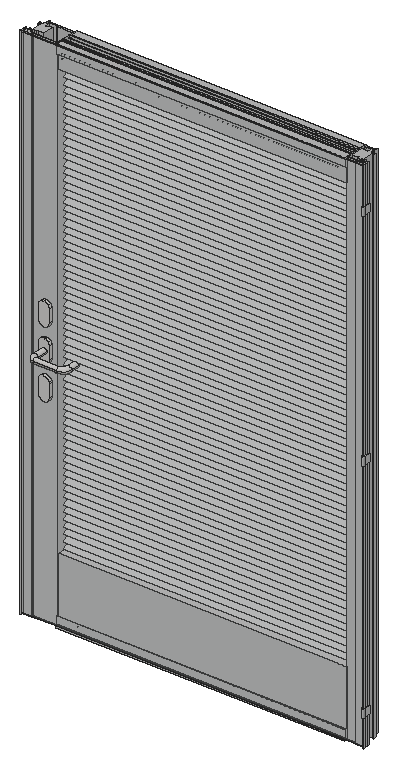
Revit family "Doors_Swing_Avanti_Systems_Movare-Swing-Door", category Doors, Revit 2015
Parameters (values of type "Clear Tempered with Blinds")
  box width = 6' - 0"
  Width [instance] = 4' - 4 1/2"
  Warranty = "1 year"  # constant formula
  URL = "https://www.avantisystemsusa.com"
  Type Comments = ""
  Type = 1
  Thickness = 0' - 1 1/2"
  Sound Rating = 44  # constant formula
  Product data url = "https://bimobject.com/avantisystems/product/avanti-movare-movable-double-glazed-glass-partitions"
  Panel Width [instance] = if(Width > Maximum Width, Maximum Width, Width)  # 4' - 4 1/2"
  Panel Height [instance] = if(Height > Maximum Height, Maximum Height, Height)  # 6' - 8"
  Non Flush Seal = not(Flush Seal)  # yes
  Model = "Movare Double Glazed Swing Door Clear Tempered with Blinds"
  Maximum Width = 5' - 0"
  Maximum Height = 12' - 0"
  Manufacturer = "Avanti Systems USA"  # constant formula
  LEED compatibility = "LEED 2009 (v3): MRc3, MRc4, MRc5, MRc7, EQc4.2, EQc8.1 and EQc8.2. LEED v4: MRc1, MRc3, MRc4, MRc8, EQc2, EQc7 and EQc8."  # constant formula
  Inset = 0' - 0 5/16"
  Height [instance] = 6' - 8"
  Hardware material = Stainless Steel - Avanti- Brushed Finish
  Glazing Material = Glass - Avanti -  Clear Tempered
  Glass Marker = yes
  Function = Interior
  Frame Material = Polyester powder - Avanti - White aluminium METALLIC - RAL9006
  Flush Seal = if(Type = 2, 1 = 1, 1 = 0)  # no
  Flame spread = "Class O Surface Spread of Flame"  # constant formula
  Door options = "frameless pivot door"  # constant formula
  Door Integrations = "Pivot Glass Doors, Full Height Pass Door, End panels can be free swing pivot door access."  # constant formula
  Description = "Movare™ Movable Double Glazed Glass Partitions"  # constant formula
  Blinds_vis = 1
  Blinds material = Polyester powder - Avanti - White aluminium METALLIC - RAL9006
  Blinds = if(Blinds_vis = 1, 1 = 1, 1 = 0)  # yes
  Blinders width [instance] = Panel Width - 0' 8 169/256"  # 3' - 7 215/256"
  Blinders height [instance] = Panel Height - 1' 2 15/32"  # 5' - 5 17/32"
  Assembly Code = ""
  Offset = 0' - 0"
  Panel Area [instance] = Panel Width * Panel Height  # 4200.00 in²
  Analytic Construction = "<None>"
  Acoustic performance (dB) = 42  # constant formula
Reference planes (in)
  plane 1: y = 0.31452
  plane 2: z = 0
  plane 3 "Center (Left/Right)": x = 0
  plane 4 "Left": x = -26.25
  plane 5 "Right": x = 26.25
  plane 6 "Top": z = 80
  plane 7 "Panel Offset": y = 0.31452
  plane 8 "Glass Center E/I": y = 0.00202
  plane 9 "Glass Exterior": y = 2.00202
  plane 10 "Glass Interior": y = -1.99798
  plane 11 "Panel Left": x = -26.25
  plane 12 "Panel Right": x = 26.25
  plane 13: z = 80
  plane 14: z = 79.84038
  plane 15: x = -22.12038
  plane 16: z = 38
  plane 17: z = 5.78643
  plane 18: z = 40
  plane 19: z = 73.89313
  plane 20: z = 39.92019
Forms (in)
  Extrusion 1, solid, material "Glass - Avanti -  Clear Tempered" <- "Glazing Material"
    sketch origin (0, 0, 0) x (1, 0, 0) y (0, 1, 0)
      loop
        line (-25.798, -1.99798) -> (25.79666, -1.99798) -> (25.79666, -1.74798) -> (-25.798, -1.74798) -> (-25.798, -1.99798)
    from 0.98554 to 79.84038
  Extrusion 2, solid, material "Glass - Avanti -  Clear Tempered" <- "Glazing Material"
    sketch origin (0, 8.99609, 0) x (1, 0, 0) y (0, 1, 0)
      loop
        line (-24.71481, -6.99407) -> (-24.71481, -7.24407) -> (24.71347, -7.24407) -> (24.71347, -6.99407) -> (-24.71481, -6.99407)
    from 0.98554 to 79.84038
  Sweep 3, solid, material "Polyester powder - Avanti - White aluminium METALLIC - RAL9006" <- "Frame Material"
    path origin (0, -1.99798, 0) x (-1, 0, 0) y (0, 0, 1)
      loop
        line (-26.25, 0.82592) -> (-26.25, 80)
    profile origin (26.25, -1.99798, 40.41296) x (1, 0, 0) y (0, 1, 0)
      loop
        line (-1.7109, 0.35607) -> (-1.7109, 0.25) -> (-0.61075, 0.25) -> (-0.61075, 0.35686) -> (-0.45334, 0.35686) -> (-0.45334, 0.01855) -> (-0.20809, 0.01855) -> (-0.20809, 0.1003) -> (-0.28984, 0.1003) -> (-0.28984, 0.76909) -> (-0.20809, 0.76909) -> (-0.20809, 0.98139) -> (-0.29083, 0.98139) -> (-0.29083, 0.87128) -> (-0.80078, 0.87128) -> (-0.80078, 1.13697) -> (-0.96428, 1.13697) -> (-0.96428, 0.93259) -> (-1.16866, 0.93259) -> (-1.16866, 2.75153) -> (-0.96428, 2.75153) -> (-0.96428, 2.54715) -> (-0.80078, 2.54715) -> (-0.80078, 2.9559) -> (-0.94753, 2.9559) -> (-0.94753, 2.89459) -> (-1.31142, 2.89459) -> (-1.37142, 3.0231) -> (-1.37142, 3.11639) -> (-1.33891, 3.11639)
        arc (-1.33891, 3.11639) -> (-1.32446, 3.12238) -> (-1.31847, 3.13683) r 0.02044
        line (-1.31847, 3.13683) -> (-1.31847, 3.16874) -> (-1.35259, 3.16874)
        arc (-1.35259, 3.16874) -> (-1.36704, 3.17472) -> (-1.37303, 3.18918) r 0.02044
        line (-1.37303, 3.18918) -> (-1.37303, 4) -> (-1.53653, 4) -> (-1.53653, 3.64653) -> (-1.69287, 3.64653) -> (-1.69287, 3.75) -> (-2.79337, 3.75) -> (-2.79337, 3.64193) -> (-3.10609, 3.64193) -> (-3.10609, 0.35607) -> (-1.7109, 0.35607)
      loop
        line (-3.05148, 3.58732) -> (-3.05148, 0.41068) -> (-1.80039, 0.41068) -> (-1.80039, 0.48961) -> (-0.45334, 0.48961) -> (-0.45334, 0.6669) -> (-1.41308, 0.6669) -> (-1.41308, 1.01434) -> (-1.88397, 1.01434) -> (-1.88397, 1.19358) -> (-2.81977, 1.19358) -> (-2.81977, 2.83225) -> (-1.88397, 2.83225) -> (-1.88397, 3.32378) -> (-1.53653, 3.32378) -> (-1.53653, 3.5162) -> (-2.8848, 3.5162) -> (-2.8848, 3.58732) -> (-3.05148, 3.58732)
  Sweep 4, solid, material "Polyester powder - Avanti - White aluminium METALLIC - RAL9006" <- "Frame Material"
    path origin (0, -1.99798, 0) x (-1, 0, 0) y (0, 0, 1)
      loop
        line (26.25, 0.82592) -> (26.25, 80)
    profile origin (-26.25, -1.99798, 40.41296) x (1, 0, 0) y (0, 1, 0)
      loop
        line (1.70956, 0.35607) -> (5.55294, 0.35607) -> (5.55294, 3.64193) -> (2.79202, 3.64193) -> (2.79202, 3.75) -> (1.69152, 3.75) -> (1.69152, 3.64653) -> (1.53519, 3.64653) -> (1.53519, 4) -> (1.37169, 4) -> (1.37169, 3.18918)
        arc (1.37169, 3.18918) -> (1.3657, 3.17472) -> (1.35125, 3.16874) r 0.02044
        line (1.35125, 3.16874) -> (1.31713, 3.16874) -> (1.31713, 3.13683)
        arc (1.31713, 3.13683) -> (1.32312, 3.12238) -> (1.33757, 3.11639) r 0.02044
        line (1.33757, 3.11639) -> (1.37008, 3.11639) -> (1.37008, 3.0231) -> (1.31008, 2.89459) -> (0.94619, 2.89459) -> (0.94619, 2.9559) -> (0.79944, 2.9559) -> (0.79944, 2.54715) -> (0.96294, 2.54715) -> (0.96294, 2.75153) -> (1.16731, 2.75153) -> (1.16731, 0.93259) -> (0.96294, 0.93259) -> (0.96294, 1.13697) -> (0.79944, 1.13697) -> (0.79944, 0.87128) -> (0.28949, 0.87128) -> (0.28949, 0.98139) -> (0.20675, 0.98139) -> (0.20675, 0.76909) -> (0.2885, 0.76909) -> (0.2885, 0.1003) -> (0.20675, 0.1003) -> (0.20675, 0.01855) -> (0.452, 0.01855) -> (0.452, 0.35686) -> (0.60941, 0.35686) -> (0.60941, 0.25) -> (1.70956, 0.25) -> (1.70956, 0.35607)
      loop
        line (5.49833, 3.58732) -> (2.88346, 3.58732) -> (2.88346, 3.5162) -> (1.53519, 3.5162) -> (1.53519, 3.32378) -> (1.88262, 3.32378) -> (1.88262, 2.83225) -> (2.81843, 2.83225) -> (2.81843, 1.19358) -> (1.88262, 1.19358) -> (1.88262, 1.01434) -> (1.41174, 1.01434) -> (1.41174, 0.6669) -> (0.452, 0.6669) -> (0.452, 0.48961) -> (1.79905, 0.48961) -> (1.79905, 0.41068) -> (5.49833, 0.41068) -> (5.49833, 3.58732)
  Sweep 5, solid, material "Polyester powder - Avanti - White aluminium METALLIC - RAL9006" <- "Frame Material"
    path origin (0, -1.99798, 0) x (-1, 0, 0) y (0, 0, 1)
      loop
        line (20.69706, 80) -> (-23.14391, 80)
    profile origin (1.22342, -1.99798, 80) x (0, 0, -1) y (0, 1, 0)
      loop
        line (0.15962, 0) -> (0.15962, 0.35713) -> (0.32936, 0.35713) -> (0.32936, 0.25) -> (1.42944, 0.25) -> (1.42944, 0.36496) -> (3.56294, 0.36496) -> (3.56294, 3.64958) -> (1.424, 3.64958) -> (1.424, 3.75) -> (0.32392, 3.75) -> (0.32392, 3.64287) -> (0.15962, 3.64287) -> (0.15962, 4) -> (0, 4) -> (0, 2.91783) -> (2.23472, 2.91783)
        arc (2.23472, 2.91783) -> (2.31938, 2.88277) -> (2.35444, 2.79812) r 0.11972
        line (2.35444, 2.79812) -> (2.35444, 2) -> (2.35444, 1.20188)
        arc (2.35444, 1.20188) -> (2.31938, 1.11723) -> (2.23472, 1.08217) r 0.11972
        line (2.23472, 1.08217) -> (0, 1.08217) -> (0, 0) -> (0.15962, 0)
      loop
        line (3.50835, 3.59499) -> (1.49082, 3.59499) -> (1.49082, 3.51608) -> (0.15962, 3.51608) -> (0.15962, 3.3568) -> (0.39906, 3.3568) -> (0.39906, 3.27699) -> (0.15962, 3.27699) -> (0.15962, 2.99764) -> (2.31454, 2.99764)
        arc (2.31454, 2.99764) -> (2.45562, 2.9392) -> (2.51406, 2.79812) r 0.19953
        line (2.51406, 2.79812) -> (2.51406, 2) -> (2.51406, 1.20188)
        arc (2.51406, 1.20188) -> (2.45562, 1.0608) -> (2.31454, 1.00236) r 0.19953
        line (2.31454, 1.00236) -> (0.15962, 1.00236) -> (0.15962, 0.72301) -> (0.39906, 0.72301) -> (0.39906, 0.6432) -> (0.15962, 0.6432) -> (0.15962, 0.49065) -> (1.48163, 0.49065) -> (1.48163, 0.41956) -> (3.50835, 0.41956) -> (3.50835, 3.59499)
  Sweep 6, solid, material "Polyester powder - Avanti - White aluminium METALLIC - RAL9006" <- "Frame Material", visible <- "Non Flush Seal"
    path origin (0, -1.99798, 0) x (-1, 0, 0) y (0, 0, 1)
      loop
        line (-23.14391, 80) -> (20.69706, 80)
    profile origin (1.22342, -1.99798, 80) x (0, 0, 1) y (0, 1, 0)
      loop
        arc (-1.84216, 2.82791) -> (-1.92681, 2.79285) -> (-1.96188, 2.7082) r 0.11972
        line (-1.96188, 2.7082) -> (-1.96188, 2.66829)
        arc (-1.96188, 2.66829) -> (-1.92681, 2.58364) -> (-1.84216, 2.54857) r 0.11972
        line (-1.84216, 2.54857) -> (-1.63015, 2.54857)
        arc (-1.63015, 2.54857) -> (-1.58086, 2.5753) -> (-1.56282, 2.62839) r 0.0769
        line (-1.56282, 2.62839) -> (-1.04298, 2.62839) -> (-1.04298, 2.00985) -> (-1.04298, 1.39131) -> (-1.56282, 1.39131)
        arc (-1.56282, 1.39131) -> (-1.58086, 1.44439) -> (-1.63015, 1.47112) r 0.0769
        line (-1.63015, 1.47112) -> (-1.84216, 1.47112)
        arc (-1.84216, 1.47112) -> (-1.92681, 1.43605) -> (-1.96188, 1.3514) r 0.11972
        line (-1.96188, 1.3514) -> (-1.96188, 1.31149)
        arc (-1.96188, 1.31149) -> (-1.92681, 1.22684) -> (-1.84216, 1.19178) r 0.11972
        line (-1.84216, 1.19178) -> (0.07332, 1.19178) -> (0.07332, 1.47112) -> (-0.25628, 1.47112)
        arc (-0.25628, 1.47112) -> (-0.30557, 1.44439) -> (-0.32361, 1.39131) r 0.0769
        line (-0.32361, 1.39131) -> (-0.84345, 1.39131) -> (-0.84345, 2.00985) -> (-0.84345, 2.62839) -> (-0.32361, 2.62839)
        arc (-0.32361, 2.62839) -> (-0.30557, 2.5753) -> (-0.25628, 2.54857) r 0.0769
        line (-0.25628, 2.54857) -> (0.07332, 2.54857) -> (0.07332, 2.82791) -> (-1.84216, 2.82791)
  Sweep 7, solid, material "Polyester powder - Avanti - White aluminium METALLIC - RAL9006" <- "Frame Material", visible <- "Flush Seal"
    path origin (0, -1.99798, 0) x (-1, 0, 0) y (0, 0, 1)
      loop
        line (-23.14391, 80) -> (20.69706, 80)
    profile origin (1.22342, -1.99798, 80) x (0, 0, 1) y (0, 1, 0)
      loop
        arc (-1.84216, 2.82791) -> (-1.9336, 2.78547) -> (-1.9602, 2.68824) r 0.11972
        arc (-1.9602, 2.68824) -> (-1.9336, 2.59101) -> (-1.84216, 2.54857) r 0.11972
        line (-1.84216, 2.54857) -> (-1.63015, 2.54857)
        arc (-1.63015, 2.54857) -> (-1.58086, 2.5753) -> (-1.56282, 2.62839) r 0.0769
        line (-1.56282, 2.62839) -> (-1.04298, 2.62839) -> (-1.04298, 1.39131) -> (-1.56282, 1.39131)
        arc (-1.56282, 1.39131) -> (-1.58086, 1.44439) -> (-1.63015, 1.47112) r 0.0769
        line (-1.63015, 1.47112) -> (-1.84216, 1.47112)
        arc (-1.84216, 1.47112) -> (-1.9336, 1.42868) -> (-1.9602, 1.33145) r 0.11972
        arc (-1.9602, 1.33145) -> (-1.9336, 1.23422) -> (-1.84216, 1.19178) r 0.11972
        line (-1.84216, 1.19178) -> (0.68258, 1.19178) -> (0.68258, 1.47112) -> (0.4727, 1.47112)
        arc (0.4727, 1.47112) -> (0.42341, 1.44439) -> (0.40537, 1.39131) r 0.0769
        line (0.40537, 1.39131) -> (-0.11447, 1.39131) -> (-0.11447, 2.62839) -> (0.40537, 2.62839)
        arc (0.40537, 2.62839) -> (0.42341, 2.5753) -> (0.4727, 2.54857) r 0.0769
        line (0.4727, 2.54857) -> (0.68258, 2.54857) -> (0.68258, 2.82791) -> (-1.84216, 2.82791)
      loop
        line (-0.32622, 1.39131) -> (-0.32622, 2.62839) -> (-0.84345, 2.62839) -> (-0.84345, 1.39131) -> (-0.32622, 1.39131)
  Sweep 8, solid, material "Polyester powder - Avanti - White aluminium METALLIC - RAL9006" <- "Frame Material"
    path origin (0, -1.99798, 0) x (-1, 0, 0) y (0, 0, 1)
      loop
        line (20.69706, 0) -> (-23.14391, 0)
    profile origin (1.22342, -1.99798, 0) x (0, 0, -1) y (0, 1, 0)
      loop
        line (-0.82592, 2.91783) -> (-0.82592, 4) -> (-0.98554, 4) -> (-0.98554, 3.64287) -> (-1.14983, 3.64287) -> (-1.14983, 3.75) -> (-2.24991, 3.75) -> (-2.24991, 3.64958) -> (-10.74695, 3.64958) -> (-10.74695, 0.36496) -> (-2.25535, 0.36496) -> (-2.25535, 0.25) -> (-1.15527, 0.25) -> (-1.15527, 0.35713) -> (-0.98554, 0.35713) -> (-0.98554, 0) -> (-0.82592, 0) -> (-0.82592, 1.08217) -> (-3.06064, 1.08217)
        arc (-3.06064, 1.08217) -> (-3.14529, 1.11723) -> (-3.18036, 1.20188) r 0.11972
        line (-3.18036, 1.20188) -> (-3.18036, 2) -> (-3.18036, 2.79812)
        arc (-3.18036, 2.79812) -> (-3.14529, 2.88277) -> (-3.06064, 2.91783) r 0.11972
        line (-3.06064, 2.91783) -> (-0.82592, 2.91783)
      loop
        line (-10.69236, 0.41956) -> (-4.12188, 0.41956) -> (-2.30755, 0.41956) -> (-2.30755, 0.49065) -> (-0.98554, 0.49065) -> (-0.98554, 0.6432) -> (-1.22497, 0.6432) -> (-1.22497, 0.72301) -> (-0.98554, 0.72301) -> (-0.98554, 1.00236) -> (-3.14045, 1.00236)
        arc (-3.14045, 1.00236) -> (-3.28154, 1.0608) -> (-3.33998, 1.20188) r 0.19953
        line (-3.33998, 1.20188) -> (-3.33998, 2) -> (-3.33998, 2.79812)
        arc (-3.33998, 2.79812) -> (-3.28154, 2.9392) -> (-3.14045, 2.99764) r 0.19953
        line (-3.14045, 2.99764) -> (-0.98554, 2.99764) -> (-0.98554, 3.27699) -> (-1.22497, 3.27699) -> (-1.22497, 3.3568) -> (-0.98554, 3.3568) -> (-0.98554, 3.51608) -> (-2.31673, 3.51608) -> (-2.31673, 3.59499) -> (-4.49831, 3.59499) -> (-10.69236, 3.59499) -> (-10.69236, 0.41956)
  Sweep 9, solid, material "Polyester powder - Avanti - White aluminium METALLIC - RAL9006" <- "Frame Material", visible <- "Non Flush Seal"
    path origin (0, -1.99798, 0) x (-1, 0, 0) y (0, 0, 1)
      loop
        line (20.69706, 0) -> (-23.14391, 0)
    profile origin (1.22342, -1.99798, 0) x (0, 0, -1) y (0, 1, 0)
      loop
        arc (-2.66808, 2.82791) -> (-2.75951, 2.78547) -> (-2.78612, 2.68824) r 0.11972
        arc (-2.78612, 2.68824) -> (-2.75951, 2.59101) -> (-2.66808, 2.54857) r 0.11972
        line (-2.66808, 2.54857) -> (-2.45606, 2.54857)
        arc (-2.45606, 2.54857) -> (-2.40678, 2.5753) -> (-2.38874, 2.62839) r 0.0769
        line (-2.38874, 2.62839) -> (-1.8689, 2.62839) -> (-1.8689, 1.39131) -> (-2.38874, 1.39131)
        arc (-2.38874, 1.39131) -> (-2.40678, 1.44439) -> (-2.45606, 1.47112) r 0.0769
        line (-2.45606, 1.47112) -> (-2.66808, 1.47112)
        arc (-2.66808, 1.47112) -> (-2.75951, 1.42868) -> (-2.78612, 1.33145) r 0.11972
        arc (-2.78612, 1.33145) -> (-2.75951, 1.23422) -> (-2.66808, 1.19178) r 0.11972
        line (-2.66808, 1.19178) -> (-0.84171, 1.19178) -> (-0.84171, 1.26273)
        arc (-0.84171, 1.26273) -> (-0.64992, 1.1169) -> (-0.41508, 1.06301) r 0.5718
        arc (-0.41508, 1.06301) -> (-0.59826, 1.15217) -> (-0.7526, 1.28513) r 0.79129
        line (-0.7526, 1.28513) -> (-0.7526, 1.47112) -> (-1.0822, 1.47112)
        arc (-1.0822, 1.47112) -> (-1.13148, 1.44439) -> (-1.14953, 1.39131) r 0.0769
        line (-1.14953, 1.39131) -> (-1.66937, 1.39131) -> (-1.66937, 2.62839) -> (-1.14953, 2.62839)
        arc (-1.14953, 2.62839) -> (-1.13148, 2.5753) -> (-1.0822, 2.54857) r 0.0769
        line (-1.0822, 2.54857) -> (-0.7526, 2.54857) -> (-0.7526, 2.72961)
        arc (-0.7526, 2.72961) -> (-0.59826, 2.86257) -> (-0.41508, 2.95173) r 0.79129
        arc (-0.41508, 2.95173) -> (-0.64992, 2.89784) -> (-0.84171, 2.752) r 0.5718
        line (-0.84171, 2.752) -> (-0.84171, 2.82791) -> (-2.66808, 2.82791)
  Sweep 10, solid, material "Polyester powder - Avanti - White aluminium METALLIC - RAL9006" <- "Frame Material", visible <- "Flush Seal"
    path origin (0, -1.99798, 0) x (-1, 0, 0) y (0, 0, 1)
      loop
        line (20.69706, 0) -> (-23.14391, 0)
    profile origin (1.22342, -1.99798, 0) x (0, 0, -1) y (0, 1, 0)
      loop
        line (-0.14334, 2.82791) -> (-2.66808, 2.82791)
        arc (-2.66808, 2.82791) -> (-2.75951, 2.78547) -> (-2.78612, 2.68824) r 0.11972
        arc (-2.78612, 2.68824) -> (-2.75951, 2.59101) -> (-2.66808, 2.54857) r 0.11972
        line (-2.66808, 2.54857) -> (-2.45606, 2.54857)
        arc (-2.45606, 2.54857) -> (-2.40678, 2.5753) -> (-2.38874, 2.62839) r 0.0769
        line (-2.38874, 2.62839) -> (-1.8689, 2.62839) -> (-1.8689, 1.39131) -> (-2.38874, 1.39131)
        arc (-2.38874, 1.39131) -> (-2.40678, 1.44439) -> (-2.45606, 1.47112) r 0.0769
        line (-2.45606, 1.47112) -> (-2.66808, 1.47112)
        arc (-2.66808, 1.47112) -> (-2.75951, 1.42868) -> (-2.78612, 1.33145) r 0.11972
        arc (-2.78612, 1.33145) -> (-2.75951, 1.23422) -> (-2.66808, 1.19178) r 0.11972
        line (-2.66808, 1.19178) -> (-0.14334, 1.19178) -> (-0.14334, 1.47112) -> (-0.35322, 1.47112)
        arc (-0.35322, 1.47112) -> (-0.4025, 1.44439) -> (-0.42054, 1.39131) r 0.0769
        line (-0.42054, 1.39131) -> (-0.94039, 1.39131) -> (-0.94039, 2.62839) -> (-0.42054, 2.62839)
        arc (-0.42054, 2.62839) -> (-0.4025, 2.5753) -> (-0.35322, 2.54857) r 0.0769
        line (-0.35322, 2.54857) -> (-0.14334, 2.54857) -> (-0.14334, 2.82791)
      loop
        line (-1.15213, 2.62839) -> (-1.66937, 2.62839) -> (-1.66937, 1.39131) -> (-1.15213, 1.39131) -> (-1.15213, 2.62839)
Lines and regions (in)
  symbolic lines
    curve 1: line (-26.25, -1.99798, 0) -> (26.25, -1.99798, 0)
    curve 60: line (-24.71481, 2.00202, 0) -> (24.71347, 2.00202, 0)
    curve 62: line (-25.798, -1.74798, 0) -> (25.79666, -1.74798, 0)
    curve 63: line (-25.798, -1.99798, 0) -> (25.79666, -1.99798, 0)
    curve 64: line (0, 2.00202, 44.83563) -> (0, 2.36202, 44.83563)
    curve 65: line (0, 2.36202, 44.83563) -> (0, 2.36202, 41.29085)
    curve 66: line (0, 2.36202, 41.29085) -> (0, 2.00202, 41.29085)
    curve 67: line (0, 2.00202, 39.77165) -> (0, 2.36202, 39.77165)
    curve 68: line (0, 2.36202, 39.77165) -> (0, 2.36202, 36.22687)
    curve 69: line (0, 2.36202, 36.22687) -> (0, 2.00202, 36.22687)
    curve 70: line (0, 2.00202, 34.69907) -> (0, 2.36202, 34.69907)
    curve 71: line (0, 2.36202, 34.69907) -> (0, 2.36202, 31.15429)
    curve 72: line (0, 2.36202, 31.15429) -> (0, 2.00202, 31.15429)
    curve 73: line (0, 2.36202, 38.3937) -> (0, 4.75439, 38.3937)
    curve 74: line (0, 2.36202, 37.6063) -> (0, 4.75439, 37.6063)
    curve 75: arc (0, 4.75439, 38.3937) -> (0, 5.14809, 38) -> (0, 4.75439, 37.6063) r 0.3937
    curve 76: line (0, -1.99798, 44.83563) -> (0, -2.35798, 44.83563)
    curve 77: line (0, -2.35798, 44.83563) -> (0, -2.35798, 41.29085)
    curve 78: line (0, -2.35798, 41.29085) -> (0, -1.99798, 41.29085)
    curve 79: line (0, -1.99798, 39.77165) -> (0, -2.35798, 39.77165)
    curve 80: line (0, -2.35798, 39.77165) -> (0, -2.35798, 36.22687)
    curve 81: line (0, -2.35798, 36.22687) -> (0, -1.99798, 36.22687)
    curve 82: line (0, -1.99798, 34.69907) -> (0, -2.35798, 34.69907)
    curve 83: line (0, -2.35798, 34.69907) -> (0, -2.35798, 31.15429)
    curve 84: line (0, -2.35798, 31.15429) -> (0, -1.99798, 31.15429)
    curve 85: line (0, -2.35798, 38.3937) -> (0, -4.75034, 38.3937)
    curve 86: line (0, -2.35798, 37.6063) -> (0, -4.75034, 37.6063)
    curve 87: arc (0, -4.75034, 38.3937) -> (0, -5.14404, 38) -> (0, -4.75034, 37.6063) r 0.3937
    curve 112: line (0, 2.00202, 79.84038) -> (0, 2.00202, 0.98554)
    curve 113: line (0, -1.99798, 0.98554) -> (0, -1.99798, 79.84038)
    curve 114: line (0, 1.75202, 79.84038) -> (0, 1.75202, 0.98554)
    curve 115: line (0, -1.74798, 79.84038) -> (0, -1.74798, 0.98554)
  symbolic lines, detail levels medium+fine
    curve 2: line (-22.93703, -1.99798, 0) -> (-21.29631, -1.99798, 0)
    curve 3: line (-22.93703, 2.36202, 0) -> (-21.29631, 2.36202, 0)
    curve 4: line (-22.93703, 2.00202, 0) -> (-22.93703, 2.36202, 0)
    curve 5: line (-21.29631, 2.36202, 0) -> (-21.29631, 2.00202, 0)
    curve 6: line (-22.51037, 2.36202, 0) -> (-22.51037, 4.11202, 0)
    curve 7: arc (-22.51037, 4.11202, 0) -> (-22.19971, 4.86202, 0) -> (-21.44971, 5.17268, 0) r 1.06066
    curve 8: line (-21.44971, 5.17268, 0) -> (-17.82919, 5.17268, 0)
    curve 9: line (-16.70016, 2.63959, 0) -> (-16.70016, 3.9341, 0)
    curve 10: line (-16.70016, 2.63959, 0) -> (-17.48756, 2.63959, 0)
    curve 11: line (-17.48756, 2.63959, 0) -> (-17.48756, 3.95862, 0)
    curve 12: line (-17.91728, 4.38833, 0) -> (-21.41728, 4.38833, 0)
    curve 13: line (-21.72297, 2.36202, 0) -> (-21.72297, 4.11202, 0)
    curve 14: arc (-21.72297, 4.11202, 0) -> (-21.63148, 4.31805, 0) -> (-21.41728, 4.38833, 0) r 0.27772
    curve 15: arc (-17.91728, 4.38833, 0) -> (-17.61342, 4.26247, 0) -> (-17.48756, 3.95862, 0) r 0.42972
    curve 16: arc (-17.82919, 5.17268, 0) -> (-17.02477, 4.77208, 0) -> (-16.70016, 3.9341, 0) r 1.24389
    curve 17: line (-22.93703, -2.35798, 0) -> (-21.29631, -2.35798, 0)
    curve 18: line (-22.93703, -1.99798, 0) -> (-22.93703, -2.35798, 0)
    curve 19: line (-21.29631, -2.35798, 0) -> (-21.29631, -1.99798, 0)
    curve 20: line (-22.51037, -2.35798, 0) -> (-22.51037, -4.10798, 0)
    curve 21: arc (-22.51037, -4.10798, 0) -> (-22.19971, -4.85798, 0) -> (-21.44971, -5.16864, 0) r 1.06066
    curve 22: line (-21.44971, -5.16864, 0) -> (-17.82919, -5.16864, 0)
    curve 23: line (-16.70016, -2.63555, 0) -> (-16.70016, -3.93006, 0)
    curve 24: line (-16.70016, -2.63555, 0) -> (-17.48756, -2.63555, 0)
    curve 25: line (-17.48756, -2.63555, 0) -> (-17.48756, -3.95457, 0)
    curve 26: line (-17.91728, -4.38429, 0) -> (-21.41728, -4.38429, 0)
    curve 27: line (-21.72297, -2.35798, 0) -> (-21.72297, -4.10798, 0)
    curve 28: arc (-21.72297, -4.10798, 0) -> (-21.63148, -4.31401, 0) -> (-21.41728, -4.38429, 0) r 0.27772
    curve 29: arc (-17.91728, -4.38429, 0) -> (-17.61342, -4.25843, 0) -> (-17.48756, -3.95457, 0) r 0.42972
    curve 30: arc (-17.82919, -5.16864, 0) -> (-17.02477, -4.76803, 0) -> (-16.70016, -3.93006, 0) r 1.24389
  symbolic lines, not visible, detail levels medium+fine
    curve 31: line (-22.93703, -1.99798, 0) -> (-21.29631, -1.99798, 0)
    curve 32: line (-22.93703, 2.36202, 0) -> (-21.29631, 2.36202, 0)
    curve 33: line (-22.93703, 2.00202, 0) -> (-22.93703, 2.36202, 0)
    curve 34: line (-21.29631, 2.36202, 0) -> (-21.29631, 2.00202, 0)
    curve 35: line (-22.51037, 2.36202, 0) -> (-22.51037, 4.11202, 0)
    curve 36: arc (-22.51037, 4.11202, 0) -> (-22.19971, 4.86202, 0) -> (-21.44971, 5.17268, 0) r 1.06066
    curve 37: line (-21.44971, 5.17268, 0) -> (-17.82919, 5.17268, 0)
    curve 38: line (-16.70016, 2.63959, 0) -> (-16.70016, 3.9341, 0)
    curve 39: line (-16.70016, 2.63959, 0) -> (-17.48756, 2.63959, 0)
    curve 40: line (-17.48756, 2.63959, 0) -> (-17.48756, 3.95862, 0)
    curve 41: line (-17.91728, 4.38833, 0) -> (-21.41728, 4.38833, 0)
    curve 42: line (-21.72297, 2.36202, 0) -> (-21.72297, 4.11202, 0)
    curve 43: arc (-21.72297, 4.11202, 0) -> (-21.63148, 4.31805, 0) -> (-21.41728, 4.38833, 0) r 0.27772
    curve 44: arc (-17.91728, 4.38833, 0) -> (-17.61342, 4.26247, 0) -> (-17.48756, 3.95862, 0) r 0.42972
    curve 45: arc (-17.82919, 5.17268, 0) -> (-17.02477, 4.77208, 0) -> (-16.70016, 3.9341, 0) r 1.24389
    curve 46: line (-22.93703, -2.35798, 0) -> (-21.29631, -2.35798, 0)
    curve 47: line (-22.93703, -1.99798, 0) -> (-22.93703, -2.35798, 0)
    curve 48: line (-21.29631, -2.35798, 0) -> (-21.29631, -1.99798, 0)
    curve 49: line (-22.51037, -2.35798, 0) -> (-22.51037, -4.10798, 0)
    curve 50: arc (-22.51037, -4.10798, 0) -> (-22.19971, -4.85798, 0) -> (-21.44971, -5.16864, 0) r 1.06066
    curve 51: line (-21.44971, -5.16864, 0) -> (-17.82919, -5.16864, 0)
    curve 52: line (-16.70016, -2.63555, 0) -> (-16.70016, -3.93006, 0)
    curve 53: line (-16.70016, -2.63555, 0) -> (-17.48756, -2.63555, 0)
    curve 54: line (-17.48756, -2.63555, 0) -> (-17.48756, -3.95457, 0)
    curve 55: line (-17.91728, -4.38429, 0) -> (-21.41728, -4.38429, 0)
    curve 56: line (-21.72297, -2.35798, 0) -> (-21.72297, -4.10798, 0)
    curve 57: arc (-21.72297, -4.10798, 0) -> (-21.63148, -4.31401, 0) -> (-21.41728, -4.38429, 0) r 0.27772
    curve 58: arc (-17.91728, -4.38429, 0) -> (-17.61342, -4.25843, 0) -> (-17.48756, -3.95457, 0) r 0.42972
    curve 59: arc (-17.82919, -5.16864, 0) -> (-17.02477, -4.76803, 0) -> (-16.70016, -3.93006, 0) r 1.24389
  model lines
    curve 61: line (-24.71481, 1.75202, 0) -> (24.71347, 1.75202, 0)
  symbolic lines, not visible
    curve 88: line (0, 2.00202, 44.83563) -> (0, 2.36202, 44.83563)
    curve 89: line (0, 2.36202, 44.83563) -> (0, 2.36202, 41.29085)
    curve 90: line (0, 2.36202, 41.29085) -> (0, 2.00202, 41.29085)
    curve 91: line (0, 2.00202, 39.77165) -> (0, 2.36202, 39.77165)
    curve 92: line (0, 2.36202, 39.77165) -> (0, 2.36202, 36.22687)
    curve 93: line (0, 2.36202, 36.22687) -> (0, 2.00202, 36.22687)
    curve 94: line (0, 2.00202, 34.69907) -> (0, 2.36202, 34.69907)
    curve 95: line (0, 2.36202, 34.69907) -> (0, 2.36202, 31.15429)
    curve 96: line (0, 2.36202, 31.15429) -> (0, 2.00202, 31.15429)
    curve 97: line (0, 2.36202, 38.3937) -> (0, 4.75439, 38.3937)
    curve 98: line (0, 2.36202, 37.6063) -> (0, 4.75439, 37.6063)
    curve 99: arc (0, 4.75439, 38.3937) -> (0, 5.14809, 38) -> (0, 4.75439, 37.6063) r 0.3937
    curve 100: line (0, -1.99798, 44.83563) -> (0, -2.35798, 44.83563)
    curve 101: line (0, -2.35798, 44.83563) -> (0, -2.35798, 41.29085)
    curve 102: line (0, -2.35798, 41.29085) -> (0, -1.99798, 41.29085)
    curve 103: line (0, -1.99798, 39.77165) -> (0, -2.35798, 39.77165)
    curve 104: line (0, -2.35798, 39.77165) -> (0, -2.35798, 36.22687)
    curve 105: line (0, -2.35798, 36.22687) -> (0, -1.99798, 36.22687)
    curve 106: line (0, -1.99798, 34.69907) -> (0, -2.35798, 34.69907)
    curve 107: line (0, -2.35798, 34.69907) -> (0, -2.35798, 31.15429)
    curve 108: line (0, -2.35798, 31.15429) -> (0, -1.99798, 31.15429)
    curve 109: line (0, -2.35798, 38.3937) -> (0, -4.75034, 38.3937)
    curve 110: line (0, -2.35798, 37.6063) -> (0, -4.75034, 37.6063)
    curve 111: arc (0, -4.75034, 38.3937) -> (0, -5.14404, 38) -> (0, -4.75034, 37.6063) r 0.3937
    curve 119: line (-1.84796, 0.25002, 39.92019) -> (1.84796, 0.25002, 39.92019)
    curve 124: line (-1.84534, 0.25002, 22.66367) -> (1.85057, 0.25002, 22.66367)
  symbolic lines, visible <- "Glass Marker"
    curve 116: line (-2.82843, -0.24998, 37.09176) -> (2.82843, -0.24998, 42.74862)
    curve 117: line (0, -0.24998, 38.07223) -> (1.84796, -0.24998, 39.92019)
    curve 118: line (-1.84796, -0.24998, 39.92019) -> (0, -0.24998, 41.76815)
  model lines, not visible
    curve 120: line (0, 0.25002, 38.07223) -> (0, 0.25002, 41.76815)
    curve 125: line (0.00262, 0.25002, 20.81572) -> (0.00262, 0.25002, 24.51163)
  symbolic lines, visible <- "Glass Marker", not visible
    curve 121: line (-2.82581, -0.24998, 19.83525) -> (2.83104, -0.24998, 25.4921)
    curve 122: line (0.00262, -0.24998, 20.81572) -> (1.85057, -0.24998, 22.66367)
    curve 123: line (-1.84534, -0.24998, 22.66367) -> (0.00262, -0.24998, 24.51163)
Text (in)
  text "Exterior" at (-52.30548, 24.87723, 0), in view "Base Line"
Dimensions and locks (in)
  equal spacing: plane 4 "Left", plane 3 "Center (Left/Right)", plane 5 "Right"
  "Width": plane 4 "Left" to plane 5 "Right"
  equal spacing: plane 9 "Glass Exterior", plane 8 "Glass Center E/I", plane 10 "Glass Interior"
  "Offset": plane 1 to plane 7 "Panel Offset"
  "Inset": plane 7 "Panel Offset" to plane 8 "Glass Center E/I"
  "Height": plane 6 "Top" to plane 2
  "Panel Height": plane 13 to plane 2
  equal spacing: plane 11 "Panel Left", plane 3 "Center (Left/Right)", plane 12 "Panel Right"
  "Panel Width": plane 11 "Panel Left" to plane 12 "Panel Right"
  locked: plane 9 "Glass Exterior" to plane 10 "Glass Interior" at 4
  locked: plane 13 to plane 14 at 0.15962
  Sweep 8 to plane 2 = 0' - 10.74695"
  Sweep 3 to plane 12 "Panel Right" = 0' - 3.10609"
  locked: nested 1 to plane 3 "Center (Left/Right)" at 1.22286
  locked: plane 16 to plane 2 at 38
  locked: plane 17 to plane 2 at 5.78643
  equal spacing: plane 6 "Top", plane 18, level
  locked: curve 61 to nested 2 at 0.25
  locked: plane 10 "Glass Interior" to curve 62 at 0.25
  locked: plane 13 to plane 19 at 6.10687
  equal spacing: plane 2, plane 20, plane 14
  locked: nested 17 to curve 119 at 7
  locked: Sweep 8 to nested 18 at 3
  aligned and locked: plane 4 "Left" to curve 1
  aligned and locked: plane 5 "Right" to curve 1
  aligned: Extrusion 1 to plane 6 "Top"
  aligned and locked: Extrusion 1 sketch curve to plane 10 "Glass Interior"
  aligned and locked: Extrusion 2 sketch curve to plane 9 "Glass Exterior"
  aligned and locked: plane 9 "Glass Exterior" to Sweep 5 sketch curve
  aligned and locked: Sweep 5 sketch curve to profile plane
  aligned and locked: plane 13 to Sweep 5
  aligned and locked: Sweep 5 sketch curve to plane 13
  aligned and locked: plane 14 to Extrusion 1
  aligned and locked: plane 14 to Extrusion 2
  aligned and locked: plane 13 to Sweep 6 sketch curve
  aligned and locked: plane 13 to Sweep 7 sketch curve
  aligned and locked: Sweep 8 sketch curve to plane 2
  aligned and locked: Extrusion 2 to Sweep 8
  aligned and locked: Extrusion 1 to Sweep 8
  aligned and locked: Sweep 9 sketch curve to plane 2
  aligned and locked: Sweep 9 sketch curve to Sweep 8  (x2)
  aligned and locked: Sweep 10 sketch curve to plane 2
  aligned and locked: Sweep 10 sketch curve to Sweep 9  (x2)
  aligned and locked: nested 1 to Sweep 5
  aligned and locked: Extrusion 1 to Sweep 4
  aligned and locked: Extrusion 2 to Sweep 4
  aligned and locked: Extrusion 2 to Sweep 3
  aligned and locked: Extrusion 1 to Sweep 3
  aligned and locked: nested 2 to plane 9 "Glass Exterior"
  aligned and locked: plane 16 to nested 2  (x2)
  aligned and locked: nested 6 to Sweep 3  (x4)
  aligned and locked: nested 6 to plane 17
  aligned and locked: nested 7 to plane 18
  aligned and locked: nested 8 to plane 19
  aligned and locked: nested 8 to Sweep 3  (x2)
  aligned and locked: nested 7 to Sweep 3  (x2)
  aligned and locked: Sweep 8 sketch curve to Sweep 3
  aligned and locked: nested 9 to Sweep 3
  aligned and locked: Extrusion 2 to nested 9
  aligned and locked: nested 10 to Sweep 4  (x2)
  aligned and locked: Sweep 4 to curve 60
  aligned and locked: Sweep 4 to curve 61
  aligned and locked: curve 60 to Sweep 3
  aligned and locked: Sweep 3 to curve 61
  aligned and locked: Sweep 4 to curve 62
  aligned and locked: Sweep 3 to curve 62
  aligned and locked: curve 63 to plane 10 "Glass Interior"
  aligned and locked: curve 63 to Sweep 4
  aligned and locked: Sweep 3 to curve 63
  aligned and locked: plane 13 to nested 11
  aligned and locked: plane 8 "Glass Center E/I" to nested 11
  aligned and locked: nested 12 to plane 2
  aligned and locked: plane 8 "Glass Center E/I" to nested 12
  aligned and locked: plane 14 to curve 115
  aligned and locked: plane 14 to curve 113
  aligned and locked: plane 14 to curve 114
  aligned and locked: plane 14 to curve 112
  aligned and locked: curve 113 to Sweep 8
  aligned and locked: Sweep 8 to curve 115
  aligned and locked: Sweep 8 to curve 112
  aligned and locked: Sweep 8 to curve 114
  aligned and locked: nested 13 to Sweep 8
  aligned and locked: nested 14 to Sweep 5
  aligned and locked: Sweep 10 to nested 13
  aligned and locked: nested 14 to nested 11
  aligned and locked: nested 14 to Sweep 7
  aligned and locked: nested 16 to nested 14
  aligned and locked: plane 8 "Glass Center E/I" to nested 16
  aligned and locked: nested 15 to nested 13
  aligned and locked: Sweep 10 to nested 15
  aligned and locked: Sweep 4 to Sweep 5 sketch curve
  aligned and locked: Sweep 5 sketch curve to Sweep 3
  aligned and locked: Sweep 4 to Sweep 7 sketch curve
  aligned and locked: Sweep 7 sketch curve to Sweep 3
  aligned and locked: Sweep 4 to Sweep 6 sketch curve
  aligned and locked: Sweep 6 sketch curve to Sweep 3
  aligned and locked: Sweep 8 sketch curve to Sweep 4
  aligned and locked: plane 13 to Sweep 4 sketch curve
  aligned and locked: Sweep 4 sketch curve to Sweep 8
  aligned and locked: plane 13 to Sweep 3 sketch curve
  aligned and locked: plane 3 "Center (Left/Right)" to curve 120
  aligned and locked: plane 20 to curve 119
  aligned and locked: plane 3 "Center (Left/Right)" to nested 17
  aligned and locked: plane 3 "Center (Left/Right)" to nested 18
Automatic sketch dimensions
  curve 3 to curve 18 = 0' - 0"
  curve 3 to curve 6 = 0' - 0.42666"
  curve 17 to curve 20 = 0' - 0.42666"
  curve 20 to curve 27 = 0' - 0.7874"
  curve 6 to curve 13 = 0' - 0.7874"
  curve 27 to curve 21 = 0' - 0.27326"
  curve 14 to curve 8 = 0' - 0.27326"
  curve 21 to curve 28 = 0' - 0.00446"
  curve 7 to curve 14 = 0' - 0.00446"
  curve 14 to curve 12 = 0' - 0.02797"
  curve 28 to curve 26 = 0' - 0.02797"
  curve 27 to curve 19 = 0' - 0.42666"
  curve 13 to curve 3 = 0' - 0.42666"
  curve 14 to curve 16 = 0' - 3.47323"
  curve 26 to curve 30 = 0' - 3.47323"
  curve 16 to curve 12 = 0' - 0.02677"
  curve 30 to curve 26 = 0' - 0.02677"
  curve 12 to curve 8 = 0' - 0.08809"
  curve 26 to curve 22 = 0' - 0.08809"
  curve 30 to curve 24 = 0' - 0.45649"
  curve 16 to curve 10 = 0' - 0.45649"
  curve 24 to curve 23 = 0' - 0.7874"
  curve 10 to curve 10 = 0' - 0.7874"
  curve 26 to curve 21 = 0' - 0.27631"
  curve 25 to curve 24 = 0' - 1.31902"
  curve 28 to curve 17 = 0' - 1 3/4"
  curve 17 to curve 19 = 0' - 0.36"
  curve 4 to curve 4 = 0' - 0.36"
  curve 3 to curve 10 = 0' - 0.27757"
  curve 10 to curve 16 = 0' - 1.29451"
  curve 16 to curve 15 = 0' - 0.02451"
  curve 2 to curve 5 = 0' - 4"
  curve 4 to curve 5 = 0' - 0"
  curve 32 to curve 47 = 0' - 0"
  curve 32 to curve 35 = 0' - 0.42666"
  curve 46 to curve 49 = 0' - 0.42666"
  curve 49 to curve 56 = 0' - 0.7874"
  curve 35 to curve 42 = 0' - 0.7874"
  curve 56 to curve 50 = 0' - 0.27326"
  curve 43 to curve 37 = 0' - 0.27326"
  curve 50 to curve 57 = 0' - 0.00446"
  curve 36 to curve 43 = 0' - 0.00446"
  curve 43 to curve 41 = 0' - 0.02797"
  curve 57 to curve 55 = 0' - 0.02797"
  curve 56 to curve 48 = 0' - 0.42666"
  curve 42 to curve 32 = 0' - 0.42666"
  curve 43 to curve 45 = 0' - 3.47323"
  curve 55 to curve 59 = 0' - 3.47323"
  curve 45 to curve 41 = 0' - 0.02677"
  curve 59 to curve 55 = 0' - 0.02677"
  curve 41 to curve 37 = 0' - 0.08809"
  curve 55 to curve 51 = 0' - 0.08809"
  curve 59 to curve 53 = 0' - 0.45649"
  curve 45 to curve 39 = 0' - 0.45649"
  curve 53 to curve 52 = 0' - 0.7874"
  curve 39 to curve 39 = 0' - 0.7874"
  curve 55 to curve 50 = 0' - 0.27631"
  curve 54 to curve 53 = 0' - 1.31902"
  curve 57 to curve 46 = 0' - 1 3/4"
  curve 46 to curve 48 = 0' - 0.36"
  curve 33 to curve 33 = 0' - 0.36"
  curve 32 to curve 39 = 0' - 0.27757"
  curve 39 to curve 45 = 0' - 1.29451"
  curve 45 to curve 44 = 0' - 0.02451"
  curve 31 to curve 34 = 0' - 4"
  curve 33 to curve 34 = 0' - 0"
  curve 1 to plane 10 "Glass Interior" = 0' - 0"
  Extrusion 1 sketch curve to plane 4 "Left" = 0' - 0.452"
  plane 5 "Right" to Extrusion 1 sketch curve = 0' - 0.45334"
  Extrusion 1 sketch curve to Extrusion 1 sketch curve = 0' - 0 1/4"
  plane 9 "Glass Exterior" to Extrusion 2 sketch curve = 0' - 0 1/4"
  plane 4 "Left" to Extrusion 2 sketch curve = 0' - 1.53519"
  Extrusion 2 sketch curve to plane 5 "Right" = 0' - 1.53653"
  plane 5 "Right" to Sweep 3 sketch curve = 0' - 0"
  plane 10 "Glass Interior" to Sweep 3 sketch curve = 0' - 0.35607"
  profile plane to Sweep 3 sketch curve = 0' - 3.10609"
  Sweep 3 sketch curve to Sweep 3 sketch curve = 0' - 0.05461"  (x3)
  Sweep 3 sketch curve to Sweep 3 sketch curve = 0' - 0.16668"
  Sweep 3 sketch curve to Sweep 3 sketch curve = 0' - 0.06503"
  Sweep 3 sketch curve to Sweep 3 sketch curve = 0' - 0.09144"
  Sweep 3 sketch curve to Sweep 3 sketch curve = 0' - 0.9094"
  Sweep 3 sketch curve to Sweep 3 sketch curve = 0' - 0.08357"
  Sweep 3 sketch curve to Sweep 3 sketch curve = 0' - 0.08949"
  Sweep 3 sketch curve to Sweep 3 sketch curve = 0' - 0.1911"
  Sweep 3 sketch curve to Sweep 3 sketch curve = 0' - 0.15634"  (x2)
  Sweep 3 sketch curve to Sweep 3 sketch curve = 0' - 0.38731"
  Sweep 3 sketch curve to Sweep 3 sketch curve = 0' - 0.1635"  (x3)
  Sweep 3 sketch curve to Sweep 3 sketch curve = 0' - 0.00161"
  Sweep 3 sketch curve to Sweep 3 sketch curve = 0' - 0.02044"  (x2)
  Sweep 3 sketch curve to Sweep 3 sketch curve = 0' - 0.03251"
  Sweep 3 sketch curve to Sweep 3 sketch curve = 0' - 0.06"
  Sweep 3 sketch curve to Sweep 3 sketch curve = 0' - 0.20437"  (x5)
  Sweep 3 sketch curve to Sweep 3 sketch curve = 0' - 0.01675"
  Sweep 3 sketch curve to Sweep 3 sketch curve = 0' - 0.14675"
  Sweep 3 sketch curve to Sweep 3 sketch curve = 0' - 0.19003"
  Sweep 3 sketch curve to Sweep 3 sketch curve = 0' - 0.15741"
  Sweep 3 sketch curve to Sweep 3 sketch curve = 0' - 0"
  Sweep 3 sketch curve to Sweep 3 sketch curve = 0' - 0.16251"
  Sweep 3 sketch curve to Sweep 3 sketch curve = 0' - 0.08274"
  Sweep 3 sketch curve to Sweep 3 sketch curve = 0' - 0.08175"  (x2)
  plane 10 "Glass Interior" to Sweep 3 sketch curve = 0' - 0 1/4"
  plane 10 "Glass Interior" to Sweep 3 sketch curve = 0' - 0.1003"
  plane 10 "Glass Interior" to Sweep 3 sketch curve = 0' - 0.01855"
  Sweep 3 sketch curve to Sweep 3 sketch curve = 0' - 0.10686"
  Sweep 3 sketch curve to Sweep 3 sketch curve = 0' - 0.13276"
  Sweep 3 sketch curve to Sweep 3 sketch curve = 0' - 0.17729"
  Sweep 3 sketch curve to Sweep 3 sketch curve = 0' - 0.10219"
  Sweep 3 sketch curve to Sweep 3 sketch curve = 0' - 0.26569"
  Sweep 3 sketch curve to Sweep 3 sketch curve = 0' - 0.11011"
  Sweep 3 sketch curve to Sweep 3 sketch curve = 0' - 0.7829"
  Sweep 3 sketch curve to Sweep 3 sketch curve = 0' - 1.41019"
  Sweep 3 sketch curve to Sweep 3 sketch curve = 0' - 0.08072"
  Sweep 3 sketch curve to Sweep 3 sketch curve = 0' - 0.14306"
  Sweep 3 sketch curve to Sweep 3 sketch curve = 0' - 0.06131"
  Sweep 3 sketch curve to Sweep 3 sketch curve = 0' - 0.12851"
  Sweep 3 sketch curve to Sweep 3 sketch curve = 0' - 0.0933"
  Sweep 3 sketch curve to Sweep 3 sketch curve = 0' - 0.03191"
  Sweep 3 sketch curve to Sweep 3 sketch curve = 0' - 0.1346"
  Sweep 3 sketch curve to Sweep 3 sketch curve = 0' - 0.19242"
  Sweep 3 sketch curve to Sweep 3 sketch curve = 0' - 0.07112"
  Sweep 3 sketch curve to Sweep 3 sketch curve = 0' - 0.13033"
  Sweep 3 sketch curve to Sweep 3 sketch curve = 0' - 0.10807"
  Sweep 3 sketch curve to Sweep 3 sketch curve = 0' - 0.35347"
  plane 4 "Left" to Sweep 4 sketch curve = 0' - 0"
  plane 10 "Glass Interior" to Sweep 4 sketch curve = 0' - 0.01855"
  Sweep 4 sketch curve to profile plane = 0' - 0.20675"  (x2)
  Sweep 4 sketch curve to Sweep 4 sketch curve = 0' - 0.08175"  (x3)
  Sweep 4 sketch curve to Sweep 4 sketch curve = 0' - 0.08274"
  Sweep 4 sketch curve to Sweep 4 sketch curve = 0' - 0.1635"  (x5)
  Sweep 4 sketch curve to Sweep 4 sketch curve = 0' - 0.15741"
  Sweep 4 sketch curve to Sweep 4 sketch curve = 0' - 0.50995"
  Sweep 4 sketch curve to Sweep 4 sketch curve = 0' - 0.14675"
  Sweep 4 sketch curve to Sweep 4 sketch curve = 0' - 0.01675"
  Sweep 4 sketch curve to Sweep 4 sketch curve = 0' - 0.20437"  (x5)
  Sweep 4 sketch curve to Sweep 4 sketch curve = 0' - 0.14277"
  Sweep 4 sketch curve to Sweep 4 sketch curve = 0' - 0.00705"
  Sweep 4 sketch curve to Sweep 4 sketch curve = 0' - 0.02044"  (x2)
  Sweep 4 sketch curve to Sweep 4 sketch curve = 0' - 0.03412"
  Sweep 4 sketch curve to Sweep 4 sketch curve = 0' - 0.03251"
  Sweep 4 sketch curve to Sweep 4 sketch curve = 0' - 0.15634"
  Sweep 4 sketch curve to Sweep 4 sketch curve = 0' - 0.29782"
  Sweep 4 sketch curve to Sweep 4 sketch curve = 0' - 0.08949"
  Sweep 4 sketch curve to Sweep 4 sketch curve = 0' - 0.34744"
  Sweep 4 sketch curve to Sweep 4 sketch curve = 0' - 0.47089"
  Sweep 4 sketch curve to Sweep 4 sketch curve = 0' - 0.9094"
  Sweep 4 sketch curve to Sweep 4 sketch curve = 0' - 0.9358"
  Sweep 4 sketch curve to Sweep 4 sketch curve = 0' - 0.09144"
  plane 10 "Glass Interior" to Sweep 4 sketch curve = 0' - 0.41068"
  Sweep 4 sketch curve to Sweep 4 sketch curve = 0' - 2.6799"
  Sweep 4 sketch curve to Sweep 4 sketch curve = 0' - 0.05461"  (x3)
  Sweep 4 sketch curve to Sweep 4 sketch curve = 0' - 0.16068"
  Sweep 4 sketch curve to Sweep 4 sketch curve = 0' - 0.10686"
  Sweep 4 sketch curve to Sweep 4 sketch curve = 0' - 0.13276"
  Sweep 4 sketch curve to Sweep 4 sketch curve = 0' - 0.17729"
  Sweep 4 sketch curve to Sweep 4 sketch curve = 0' - 0.10219"
  Sweep 4 sketch curve to Sweep 4 sketch curve = 0' - 0.11011"
  Sweep 4 sketch curve to Sweep 4 sketch curve = 0' - 0.17924"
  Sweep 4 sketch curve to Sweep 4 sketch curve = 0' - 1.41019"
  Sweep 4 sketch curve to Sweep 4 sketch curve = 0' - 0.08072"
  Sweep 4 sketch curve to Sweep 4 sketch curve = 0' - 0.14306"
  Sweep 4 sketch curve to Sweep 4 sketch curve = 0' - 0.06131"  (x2)
  Sweep 4 sketch curve to Sweep 4 sketch curve = 0' - 0.12851"
  Sweep 4 sketch curve to Sweep 4 sketch curve = 0' - 0.0933"
  Sweep 4 sketch curve to Sweep 4 sketch curve = 0' - 0.03191"
  Sweep 4 sketch curve to Sweep 4 sketch curve = 0' - 0.1346"
  Sweep 4 sketch curve to Sweep 4 sketch curve = 0' - 0.19242"
  Sweep 4 sketch curve to Sweep 4 sketch curve = 0' - 0.07112"
  Sweep 4 sketch curve to Sweep 4 sketch curve = 0' - 0.13033"
  Sweep 4 sketch curve to Sweep 4 sketch curve = 0' - 0.10807"
  Sweep 4 sketch curve to Sweep 4 sketch curve = 0' - 0.35347"
  Sweep 5 sketch curve to profile plane = 0' - 0"  (x2)
  Sweep 5 sketch curve to profile plane = 0' - 0.15962"  (x3)
  Sweep 5 sketch curve to Sweep 5 sketch curve = 0' - 0"  (x3)
  Sweep 5 sketch curve to Sweep 5 sketch curve = 0' - 0.15962"  (x3)
  Sweep 5 sketch curve to Sweep 5 sketch curve = 0' - 0.1643"
  Sweep 5 sketch curve to Sweep 5 sketch curve = 0' - 0.16973"
  Sweep 5 sketch curve to Sweep 5 sketch curve = 0' - 0.23943"  (x2)
  Sweep 5 sketch curve to Sweep 5 sketch curve = 0' - 1.02494"
  plane 10 "Glass Interior" to Sweep 5 sketch curve = 0' - 0.36496"
  Sweep 5 sketch curve to Sweep 5 sketch curve = 0' - 1.03038"
  Sweep 5 sketch curve to Sweep 5 sketch curve = 0' - 0.0522"
  Sweep 5 sketch curve to Sweep 5 sketch curve = 0' - 0.06682"
  Sweep 5 sketch curve to Sweep 5 sketch curve = 0' - 0.74391"
  Sweep 5 sketch curve to Sweep 5 sketch curve = 0' - 0.75309"
  Sweep 5 sketch curve to Sweep 5 sketch curve = 0' - 0.07981"  (x5)
  Sweep 5 sketch curve to Sweep 5 sketch curve = 0' - 0.03991"
  Sweep 5 sketch curve to Sweep 5 sketch curve = 0' - 0.99428"
  Sweep 5 sketch curve to Sweep 5 sketch curve = 0' - 0.05459"  (x3)
  plane 10 "Glass Interior" to Sweep 5 sketch curve = 0' - 0 1/4"
  Sweep 5 sketch curve to Sweep 5 sketch curve = 0' - 0.10713"
  Sweep 5 sketch curve to Sweep 5 sketch curve = 0' - 0.07109"
  Sweep 5 sketch curve to Sweep 5 sketch curve = 0' - 0.15255"
  Sweep 5 sketch curve to Sweep 5 sketch curve = 0' - 0.27934"  (x2)
  Sweep 5 sketch curve to Sweep 5 sketch curve = 0' - 0.79812"  (x2)
  Sweep 5 sketch curve to Sweep 5 sketch curve = 0' - 0.15929"
  Sweep 5 sketch curve to Sweep 5 sketch curve = 0' - 0.0789"
  Sweep 5 sketch curve to Sweep 5 sketch curve = 0' - 0.12678"
  Sweep 5 sketch curve to Sweep 5 sketch curve = 0' - 0.10042"
  profile plane to Sweep 6 sketch curve = 0' - 1.96188"
  Sweep 6 sketch curve to Sweep 6 sketch curve = 0' - 0"  (x5)
  Sweep 6 sketch curve to Sweep 6 sketch curve = 0' - 0.11972"  (x2)
  Sweep 6 sketch curve to Sweep 6 sketch curve = 0' - 0.20252"  (x2)
  Sweep 6 sketch curve to Sweep 6 sketch curve = 0' - 0.00949"  (x2)
  Sweep 6 sketch curve to Sweep 6 sketch curve = 0' - 0.07682"  (x4)
  Sweep 6 sketch curve to Sweep 6 sketch curve = 0' - 0.51984"
  Sweep 6 sketch curve to Sweep 6 sketch curve = 0' - 0.19953"
  profile plane to Sweep 6 sketch curve = 0' - 0.32361"  (x2)
  Sweep 6 sketch curve to Sweep 6 sketch curve = 0' - 0.06733"  (x2)
  Sweep 6 sketch curve to profile plane = 0' - 0.07332"  (x2)
  plane 10 "Glass Interior" to Sweep 6 sketch curve = 0' - 1.19178"
  Sweep 6 sketch curve to Sweep 6 sketch curve = 0' - 0.03991"  (x2)
  Sweep 6 sketch curve to Sweep 6 sketch curve = 0' - 0.07981"
  Sweep 6 sketch curve to Sweep 6 sketch curve = 0' - 0.0035"
  Sweep 6 sketch curve to Sweep 6 sketch curve = 0' - 0.61854"
  Sweep 6 sketch curve to Sweep 6 sketch curve = 0' - 0.53873"
  Sweep 6 sketch curve to Sweep 6 sketch curve = 0' - 0.07631"  (x2)
  profile plane to Sweep 7 sketch curve = 0' - 1.84216"
  Sweep 7 sketch curve to Sweep 7 sketch curve = 0' - 0"  (x6)
  Sweep 7 sketch curve to Sweep 7 sketch curve = 0' - 0.20252"  (x2)
  Sweep 7 sketch curve to Sweep 7 sketch curve = 0' - 0.00949"  (x2)
  Sweep 7 sketch curve to Sweep 7 sketch curve = 0' - 0.07682"  (x4)
  Sweep 7 sketch curve to Sweep 7 sketch curve = 0' - 0.51984"
  Sweep 7 sketch curve to Sweep 7 sketch curve = 0' - 0.19953"
  profile plane to Sweep 7 sketch curve = 0' - 0.32622"
  profile plane to Sweep 7 sketch curve = 0' - 0.11447"
  Sweep 7 sketch curve to profile plane = 0' - 0.40537"  (x2)
  Sweep 7 sketch curve to Sweep 7 sketch curve = 0' - 0.06733"  (x2)
  Sweep 7 sketch curve to Sweep 7 sketch curve = 0' - 0.20039"  (x2)
  Sweep 7 sketch curve to Sweep 7 sketch curve = 0' - 0.11972"  (x2)
  Sweep 7 sketch curve to Sweep 7 sketch curve = 0' - 0.03991"  (x3)
  Sweep 7 sketch curve to Sweep 7 sketch curve = 0' - 0.0035"  (x2)
  Sweep 7 sketch curve to Sweep 7 sketch curve = 0' - 1.07746"  (x2)
  Sweep 7 sketch curve to Sweep 7 sketch curve = 0' - 0.07631"  (x2)
  Sweep 7 sketch curve to Sweep 7 sketch curve = 0' - 0.27934"
  Sweep 8 sketch curve to plane 10 "Glass Interior" = 0' - 0"
  plane 10 "Glass Interior" to Sweep 8 sketch curve = 0' - 3.64958"
  profile plane to Sweep 8 sketch curve = 0' - 10.74695"
  Sweep 8 sketch curve to Sweep 8 sketch curve = 0' - 0.05459"  (x3)
  profile plane to Sweep 8 sketch curve = 0' - 4.49831"
  plane 10 "Glass Interior" to Sweep 8 sketch curve = 0' - 0.41956"
  Sweep 8 sketch curve to Sweep 8 sketch curve = 0' - 0.37643"
  Sweep 8 sketch curve to Sweep 8 sketch curve = 0' - 0.7819"
  Sweep 8 sketch curve to Sweep 8 sketch curve = 0' - 0.15962"  (x3)
  Sweep 8 sketch curve to Sweep 8 sketch curve = 0' - 0.03991"  (x2)
  Sweep 8 sketch curve to Sweep 8 sketch curve = 0' - 0.07981"  (x5)
  Sweep 8 sketch curve to Sweep 8 sketch curve = 0' - 0.74391"
  Sweep 8 sketch curve to Sweep 8 sketch curve = 0' - 0.75309"
  Sweep 8 sketch curve to Sweep 8 sketch curve = 0' - 0.0522"
  Sweep 8 sketch curve to Sweep 8 sketch curve = 0' - 0.06682"
  Sweep 8 sketch curve to Sweep 8 sketch curve = 0' - 1.02494"
  Sweep 8 sketch curve to Sweep 8 sketch curve = 0' - 1.03038"
  Sweep 8 sketch curve to Sweep 8 sketch curve = 0' - 0.0697"
  Sweep 8 sketch curve to Sweep 8 sketch curve = 0' - 0.07514"
  Sweep 8 sketch curve to Sweep 8 sketch curve = 0' - 0.23943"  (x2)
  Sweep 8 sketch curve to Sweep 8 sketch curve = 0' - 0.16973"
  Sweep 8 sketch curve to Sweep 8 sketch curve = 0' - 0.1643"
  Sweep 8 sketch curve to Sweep 8 sketch curve = 0' - 0"  (x4)
  Sweep 8 sketch curve to Sweep 8 sketch curve = 0' - 0.16956"
  Sweep 8 sketch curve to Sweep 8 sketch curve = 0' - 0.10713"
  Sweep 8 sketch curve to Sweep 8 sketch curve = 0' - 0.07109"
  Sweep 8 sketch curve to Sweep 8 sketch curve = 0' - 0.15255"
  Sweep 8 sketch curve to Sweep 8 sketch curve = 0' - 0.27934"  (x2)
  Sweep 8 sketch curve to Sweep 8 sketch curve = 0' - 0.79812"  (x2)
  Sweep 8 sketch curve to Sweep 8 sketch curve = 0' - 0.15929"
  Sweep 8 sketch curve to Sweep 8 sketch curve = 0' - 0.12678"
  Sweep 8 sketch curve to Sweep 8 sketch curve = 0' - 0.10042"
  Sweep 8 sketch curve to Sweep 8 sketch curve = 0' - 0 1/4"
  profile plane to Sweep 9 sketch curve = 0' - 2.66808"
  Sweep 9 sketch curve to Sweep 9 sketch curve = 0' - 0"  (x4)
  Sweep 9 sketch curve to Sweep 9 sketch curve = 0' - 0.20252"  (x2)
  Sweep 9 sketch curve to Sweep 9 sketch curve = 0' - 0.00949"  (x4)
  Sweep 9 sketch curve to Sweep 9 sketch curve = 0' - 0.07682"  (x2)
  Sweep 9 sketch curve to Sweep 9 sketch curve = 0' - 0.51984"  (x3)
  Sweep 9 sketch curve to Sweep 9 sketch curve = 0' - 0.19953"
  Sweep 9 sketch curve to Sweep 9 sketch curve = 0' - 0.06733"  (x2)
  Sweep 9 sketch curve to Sweep 9 sketch curve = 0' - 0.231"  (x2)
  Sweep 9 sketch curve to Sweep 9 sketch curve = 0' - 0.08911"  (x2)
  Sweep 9 sketch curve to Sweep 9 sketch curve = 0' - 0.34512"  (x2)
  profile plane to Sweep 9 sketch curve = 0' - 0.16325"  (x2)
  plane 10 "Glass Interior" to Sweep 9 sketch curve = 0' - 1.19178"
  Sweep 9 sketch curve to Sweep 9 sketch curve = 0' - 0.07096"
  Sweep 9 sketch curve to Sweep 9 sketch curve = 0' - 0.0224"  (x2)
  Sweep 9 sketch curve to Sweep 9 sketch curve = 0' - 0.11972"  (x3)
  Sweep 9 sketch curve to Sweep 9 sketch curve = 0' - 0.03991"  (x2)
  Sweep 9 sketch curve to Sweep 9 sketch curve = 0' - 0.12857"
  Sweep 9 sketch curve to Sweep 9 sketch curve = 0' - 0.0035"  (x2)
  Sweep 9 sketch curve to Sweep 9 sketch curve = 0' - 0.16365"
  Sweep 9 sketch curve to Sweep 9 sketch curve = 0' - 0.17839"  (x2)
  Sweep 9 sketch curve to Sweep 9 sketch curve = 0' - 0.38843"
  Sweep 9 sketch curve to Sweep 9 sketch curve = 0' - 0.1686"
  Sweep 9 sketch curve to Sweep 9 sketch curve = 0' - 1.07746"
  Sweep 9 sketch curve to Sweep 9 sketch curve = 0' - 0.07631"  (x2)
  Sweep 9 sketch curve to Sweep 9 sketch curve = 0' - 0.18103"
  Sweep 10 sketch curve to level = 0' - 0"
  profile plane to Sweep 10 sketch curve = 0' - 2.66808"
  Sweep 10 sketch curve to Sweep 10 sketch curve = 0' - 0"  (x5)
  Sweep 10 sketch curve to Sweep 10 sketch curve = 0' - 0.20252"  (x2)
  Sweep 10 sketch curve to Sweep 10 sketch curve = 0' - 0.00949"  (x3)
  Sweep 10 sketch curve to Sweep 10 sketch curve = 0' - 0.07682"  (x3)
  Sweep 10 sketch curve to Sweep 10 sketch curve = 0' - 0.51984"
  Sweep 10 sketch curve to Sweep 10 sketch curve = 0' - 0.19953"
  Sweep 10 sketch curve to Sweep 10 sketch curve = 0' - 0.51723"
  Sweep 10 sketch curve to Sweep 10 sketch curve = 0' - 0.21175"
  Sweep 10 sketch curve to Sweep 10 sketch curve = 0' - 0.06733"  (x2)
  Sweep 10 sketch curve to Sweep 10 sketch curve = 0' - 0.20039"  (x2)
  profile plane to Sweep 10 sketch curve = 0' - 0.14334"  (x2)
  Sweep 10 sketch curve to Sweep 10 sketch curve = 0' - 0.11972"  (x3)
  Sweep 10 sketch curve to Sweep 10 sketch curve = 0' - 0.03991"  (x3)
  Sweep 10 sketch curve to Sweep 10 sketch curve = 0' - 0.0035"  (x2)
  Sweep 10 sketch curve to Sweep 10 sketch curve = 0' - 1.07746"  (x2)
  Sweep 10 sketch curve to Sweep 10 sketch curve = 0' - 0.07631"  (x2)
  curve 85 to curve 77 = 0' - 2.39236"
  curve 86 to curve 84 = 0' - 2.39236"
  curve 81 to curve 82 = 0' - 0"
  curve 76 to curve 64 = 0' - 4.72"
  curve 83 to curve 72 = 0' - 4.72"
  curve 69 to curve 70 = 0' - 0"
  curve 73 to curve 75 = 0' - 2.39236"
  curve 84 to curve 72 = 0' - 0"
  curve 83 to curve 83 = 0' - 3.54478"
  curve 71 to curve 71 = 0' - 3.54478"
  curve 70 to curve 68 = 0' - 1.5278"
  curve 82 to curve 81 = 0' - 1.5278"
  curve 80 to curve 86 = 0' - 1.37943"
  curve 68 to curve 74 = 0' - 1.37943"
  curve 86 to curve 87 = 0' - 0.3937"
  curve 74 to curve 75 = 0' - 0.3937"
  curve 85 to curve 79 = 0' - 1.37795"
  curve 73 to curve 67 = 0' - 1.37795"
  curve 79 to curve 77 = 0' - 1.51919"
  curve 67 to curve 66 = 0' - 1.51919"
  curve 65 to curve 65 = 0' - 3.54478"
  curve 77 to curve 77 = 0' - 3.54478"
  curve 79 to curve 79 = 0' - 0.36"
  curve 80 to curve 81 = 0' - 0.36"
  curve 83 to curve 84 = 0' - 0.36"
  curve 82 to curve 82 = 0' - 0.36"
  curve 77 to curve 78 = 0' - 0.36"
  curve 76 to curve 76 = 0' - 0.36"
  curve 70 to curve 70 = 0' - 0.36"
  curve 66 to curve 65 = 0' - 0.36"
  curve 67 to curve 67 = 0' - 0.36"
  curve 69 to curve 68 = 0' - 0.36"
